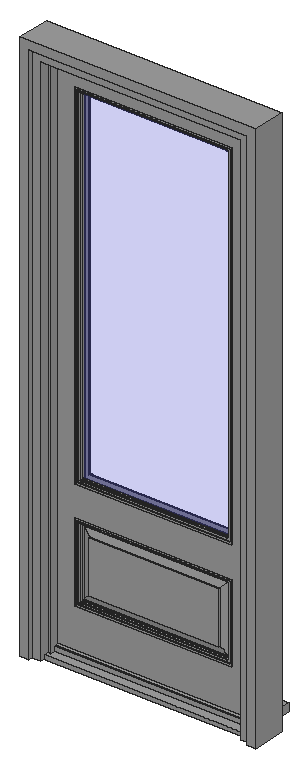
Revit family "Brannen - 1-Lite", category Doors, host Wall, Revit 2012
Parameters (values of type "3080")
  Trim Material = Brannen - Door Finish
  Rough Height = 8' - 3"
  Panel Material = Brannen - Door Finish
  Glazing Material = Brannen - Glazing
  Glass Height = 2' - 4 1/2"
  Function = Exterior
  Height = 8' - 0"
  Wall Closure = By host
  Width = 3' - 0"
  Frame Material = Brannen - Frame Finish
  Door Material = Brannen - Door Finish
Types (2): name | Height
  3070 | 7' - 0"
  3080 | 8' - 0"
Reference planes (in)
  plane 1 "Center (Front/Back)": y = 0
  plane 2 "Center (Left/Right)": x = 0
  plane 3 "Door Right": x = -18
  plane 4 "Door Left": x = 18
  plane 5 "Door Top": z = 96
  plane 6 "Exterior": y = 4
  plane 7 "Interior": y = -4
  plane 8 "RO Top": z = 99
  plane 9 "RO Right": x = 21
  plane 10 "RO Left": x = -21
  plane 11 "Floor": z = 0
  plane 12 "Door Bottom": z = 2
  plane 13 "Wall Centerline": y = 0
  plane 14 "Right Bottom Frame": x = 18.125
  plane 15 "Left Bottom Frame": x = -18.125
  plane 16 "Door Face": y = 3
  plane 17: x = -14
  plane 18: x = 14
  plane 19 "Top of Glass": z = 91.75
  plane 20: z = 9
  plane 21 "Top of Panel Void": z = 23
  plane 22: z = 28.5
  plane 23 "Door Centerline": y = 1.75
  plane 24 "Top of Void": z = 92
  plane 25: x = -13.75
  plane 26: x = 13.75
  plane 27: z = 28.75
  plane 28: y = 2.3125
  plane 29: y = 1.1875
  plane 30 "Top of Panel": z = 20.625
  plane 31: x = -11.625
  plane 32: z = 11.375
  plane 33: x = 11.625
  plane 34 "Panel Face": y = 2.9375
  plane 35 "Panel Face- Back": y = 0.5625
  plane 36 "Panel Middle": z = 16.625
Forms (in)
  Sweep 1, solid, material "Brannen - Frame Finish" <- "Frame Material"
    path origin (0, 0, 0) x (1, 0, 0) y (0, 0, 1)
      loop
        line (21, 0) -> (21, 99) -> (-21, 99) -> (-21, 0)
    profile origin (21, 0, 49.5) x (-1, 0, 0) y (0, -1, 0)
      loop
        line (0, -3) -> (2.875, -3) -> (2.875, -0.375) -> (3.77805, -0.375) -> (3.77805, 0.79501) -> (3.18461, 0.79501) -> (3.18461, 2.27102) -> (1.5957, 2.27102) -> (1.5957, 3) -> (0, 3) -> (0, -3)
  Extrusion 2, solid, material "Brannen - Frame Finish" <- "Frame Material"
    sketch origin (0, 0, 0) x (0, 1, 0) y (0, 0, 1)
      loop
        line (8, 0) -> (8, 1.46482) -> (5.27713, 1.46482) -> (5.27713, 1.592)
        arc (5.27713, 1.592) -> (4.93998, 2.08564) -> (4.3897, 2.31916) r 1.06261
        line (4.3897, 2.31916) -> (4.27138, 2.31916) -> (4.27138, 2.86194) -> (3.125, 2.86194) -> (3.125, 1.875) -> (0.0302, 1.72445)
        arc (0.0302, 1.72445) -> (-0.04928, 1.68596) -> (-0.09042, 1.60782) r 0.14142
        line (-0.09042, 1.60782) -> (-0.09042, 0.88797) -> (-1.59062, 0.74456) -> (-1.59062, 0) -> (8, 0)
    from -18.125 to 18.125
  Extrusion 3, solid, material "Brannen - Door Finish" <- "Door Material"
    sketch origin (0, 3, 0) x (1, 0, 0) y (0, 0, 1)
      loop
        line (18, 2) -> (18, 96) -> (-18, 96) -> (-18, 2) -> (18, 2)
    from 0 to 2.5
  Extrusion 4, void
    sketch origin (0, 0, 92) x (0, 1, 0) y (-1, 0, 0)
      loop
        line (3.125, 14) -> (0.375, 14) -> (0.375, -14) -> (3.125, -14) -> (3.125, 14)
    from 0 to -63.5
  Extrusion 5, void
    sketch origin (0, 0, 23) x (1, 0, 0) y (0, 1, 0)
      loop
        line (-14, 3.04568) -> (-14, 0.29568) -> (14, 0.29568) -> (14, 3.04568) -> (-14, 3.04568)
    from 0 to -14
  Extrusion 6, solid, material "Brannen - Glazing" <- "Glazing Material"
    sketch origin (0, 0, 91.75) x (0, 1, 0) y (-1, 0, 0)
      loop
        line (2.3125, 13.75) -> (1.1875, 13.75) -> (1.1875, -13.75) -> (2.3125, -13.75) -> (2.3125, 13.75)
    from 0 to -63
  Extrusion 7, solid, material "Brannen - Door Finish" <- "Panel Material"
    sketch origin (0, 0, 20.625) x (1, 0, 0) y (0, 1, 0)
      loop
        line (-11.625, 2.9375) -> (-11.625, 0.5625) -> (11.625, 0.5625) -> (11.625, 2.9375) -> (-11.625, 2.9375)
    from 0 to -9.25
  Sweep 8, solid, material "Brannen - Door Finish" <- "Trim Material"
    path origin (0, 3, 0) x (1, 0, 0) y (0, 0, 1)
      loop
        line (14, 9) -> (14, 23) -> (-14, 23) -> (-14, 9) -> (14, 9)
    profile origin (-14, 3, 16) x (-1, 0, 0) y (0, -1, 0)
      loop
        line (-1.05835, 0.66064) -> (-0.95358, 0.66064) -> (-0.95358, 0.48609)
        arc (-0.95358, 0.48609) -> (-0.94162, 0.46616) -> (-0.91957, 0.45881) r 0.03349
        line (-0.91957, 0.45881) -> (-0.88326, 0.45881)
        arc (-0.88326, 0.45881) -> (-0.87348, 0.35797) -> (-0.84334, 0.26125) r 0.49409
        arc (-0.84334, 0.26125) -> (-0.78633, 0.18206) -> (-0.70268, 0.13184) r 0.24188
        line (-0.70268, 0.13184) -> (-0.66377, 0.13184) -> (-0.66377, 0) -> (0, 0) -> (0, 2.5) -> (-0.25, 2.5) -> (-0.25, 2.27467) -> (-0.34031, 2.36499) -> (-0.66262, 2.36499) -> (-0.66262, 2.2553) -> (-0.70355, 2.2553)
        arc (-0.70355, 2.2553) -> (-0.74199, 2.24751) -> (-0.77431, 2.22528) r 0.09809
        arc (-0.77431, 2.22528) -> (-0.85913, 2.09904) -> (-0.89289, 1.95075) r 0.41583
        line (-0.89289, 1.95075) -> (-0.96381, 1.95075) -> (-0.96381, 1.78564) -> (-1.07665, 1.78564) -> (-2.375, 2.14447) -> (-2.375, 0.30193) -> (-1.05835, 0.66064)
  Sweep 9, solid, material "Brannen - Door Finish" <- "Trim Material"
    path origin (0, 1.75, 0) x (1, 0, 0) y (0, 0, 1)
      loop
        line (-14, 28.5) -> (14, 28.5) -> (14, 92) -> (-14, 92) -> (-14, 28.5)
    profile origin (-14, 1.75, 60.25) x (0, -1, 0) y (1, 0, 0)
      loop
        line (-1.25, 0) -> (1.25, 0) -> (1.25, 0.25) -> (1.05153, 0.25) -> (1.14185, 0.34031) -> (1.14185, 0.66262) -> (1.03216, 0.66262) -> (1.03216, 0.70355)
        arc (1.03216, 0.70355) -> (1.02437, 0.74199) -> (1.00214, 0.77431) r 0.09809
        arc (1.00214, 0.77431) -> (0.8759, 0.85913) -> (0.72761, 0.89289) r 0.41583
        line (0.72761, 0.89289) -> (0.72761, 0.96381) -> (0.5625, 0.96381) -> (0.5625, 0.25) -> (-0.5625, 0.25) -> (-0.5625, 0.95358) -> (-0.73705, 0.95358)
        arc (-0.73705, 0.95358) -> (-0.75699, 0.94162) -> (-0.76433, 0.91957) r 0.03349
        line (-0.76433, 0.91957) -> (-0.76433, 0.88326)
        arc (-0.76433, 0.88326) -> (-0.86517, 0.87348) -> (-0.96189, 0.84334) r 0.49409
        arc (-0.96189, 0.84334) -> (-1.04108, 0.78633) -> (-1.0913, 0.70268) r 0.24188
        line (-1.0913, 0.70268) -> (-1.0913, 0.66377) -> (-1.25, 0.66377) -> (-1.25, 0)
Cuts and joins
  Extrusion 4 cuts Sweep 1
  Extrusion 4, Extrusion 5 cuts Extrusion 3
Lines and regions (in)
  Opening 1
    outline origin (-90, -4, 0) x (1, 0, 0) y (0, 0, 1)
      loop
        line (69, 0) -> (111, 0) -> (111, 99) -> (69, 99) -> (69, 0)
  symbolic lines, style "Elevation Swing"
    curve 1: line (-18, 4, 2) -> (18, 4, 42.39364)
    curve 2: line (18, 4, 42.39364) -> (-18, 4, 96)
  model lines
    curve 3: line (-21, 3, 0) -> (-18.125, 3, 0)
    curve 4: line (-18.125, 3, 0) -> (-18.125, 0.375, 0)
    curve 5: line (-18.125, 0.375, 0) -> (-17.22195, 0.375, 0)
    curve 6: line (-17.22195, 0.375, 0) -> (-17.22195, -3.01046, 0)
    curve 7: line (-17.22195, -3.01046, 0) -> (-21, -3.01046, 0)
    curve 8: line (21, 3, 0) -> (18.125, 3, 0)
    curve 9: line (18.125, 3, 0) -> (18.125, 0.375, 0)
    curve 10: line (18.125, 0.375, 0) -> (17.22195, 0.375, 0)
    curve 11: line (17.22195, 0.375, 0) -> (17.22195, -3.01046, 0)
    curve 12: line (17.22195, -3.01046, 0) -> (21, -3.01046, 0)
    curve 13: line (18.125, 0.375, 0) -> (16.125, 0.375, 0)
    curve 14: line (18.125, 36.375, 0) -> (18.125, 0.375, 0)
    curve 15: line (16.125, 36.375, 0) -> (18.125, 36.375, 0)
    curve 16: line (16.125, 0.375, 0) -> (16.125, 36.375, 0)
    curve 17: arc (16.125, 36.375, 0) -> (-7.69994, 26.56309, 0) -> (-18.125, 3, 0) r 34.57763
Text (in)
  text "Exterior" at (-74.96733, 27.31104, 0), in view "Ref. Level"
  text "Interior" at (-74.96733, -25.14366, 0), in view "Ref. Level"
  text "Exterior" at (0, 40.15149, 123.01588), in view "Right"
  text "Interior" at (0, -64.39139, 123.01588), in view "Right"
  text "Interior" at (0, -31.01599, 123.00693), in view "Left"
  text "Exterior" at (0, 54.57065, 123.00693), in view "Left"
Dimensions and locks (in)
  equal spacing: plane 3 "Door Right", plane 2 "Center (Left/Right)", plane 4 "Door Left"
  "Height": level to plane 5 "Door Top"
  "Width": plane 3 "Door Right" to plane 4 "Door Left"
  locked: plane 4 "Door Left" to plane 9 "RO Right" at 3
  locked: plane 10 "RO Left" to plane 3 "Door Right" at 3
  locked: level to plane 12 "Door Bottom" at 2
  equal spacing: plane 10 "RO Left", plane 2 "Center (Left/Right)", plane 9 "RO Right"
  locked: plane 4 "Door Left" to plane 14 "Right Bottom Frame" at 0.125
  locked: plane 15 "Left Bottom Frame" to plane 3 "Door Right" at 0.125
  level to Extrusion 2 = 0' - 2.86194"
  locked: plane 24 "Top of Void" to plane 5 "Door Top" at 4
  locked: plane 19 "Top of Glass" to plane 24 "Top of Void" at 0.25
  "Glass Height": level to plane 22
  locked: plane 21 "Top of Panel Void" to plane 22 at 5.5
  locked: level to plane 20 at 9
  locked: plane 22 to plane 27 at 0.25
  equal spacing: plane 17, plane 2 "Center (Left/Right)", plane 18
  equal spacing: plane 31, plane 2 "Center (Left/Right)", plane 33
  equal spacing: plane 25, plane 2 "Center (Left/Right)", plane 26
  locked: plane 3 "Door Right" to plane 17 at 4
  locked: plane 17 to plane 25 at 0.25
  locked: plane 30 "Top of Panel" to plane 21 "Top of Panel Void" at 2.375
  locked: plane 17 to plane 31 at 2.375
  locked: plane 5 "Door Top" to plane 8 "RO Top" at 3
  equal spacing: plane 15 "Left Bottom Frame", plane 2 "Center (Left/Right)", plane 14 "Right Bottom Frame"
  aligned and locked: Opening 1 sketch curve to level
  aligned and locked: plane 6 "Exterior" to host wall
  aligned and locked: plane 7 "Interior" to host wall
  aligned and locked: Opening 1 sketch curve to plane 10 "RO Left"
  aligned and locked: Opening 1 sketch curve to plane 9 "RO Right"
  aligned and locked: plane 8 "RO Top" to Opening 1 sketch curve
  aligned and locked: plane 3 "Door Right" to Extrusion 3
  aligned and locked: Extrusion 3 to plane 4 "Door Left"
  aligned and locked: Extrusion 3 to plane 5 "Door Top"
  aligned and locked: Extrusion 3 to plane 12 "Door Bottom"
  aligned and locked: Extrusion 3 to plane 16 "Door Face"
  aligned and locked: Extrusion 4 to plane 18
  aligned and locked: plane 17 to Extrusion 4
  aligned and locked: Extrusion 5 to plane 20
  aligned and locked: plane 21 "Top of Panel Void" to Extrusion 5
  aligned and locked: Extrusion 4 to plane 24 "Top of Void"
  aligned and locked: Extrusion 4 to plane 22
  aligned and locked: plane 25 to Extrusion 6 sketch curve
  aligned and locked: Extrusion 6 sketch curve to plane 26
  aligned and locked: Extrusion 6 to plane 27
  aligned and locked: Extrusion 6 to plane 19 "Top of Glass"
  aligned and locked: plane 34 "Panel Face" to Extrusion 7 sketch curve
  aligned and locked: Extrusion 7 sketch curve to plane 31
  aligned and locked: Extrusion 7 sketch curve to plane 35 "Panel Face- Back"
  aligned and locked: plane 33 to Extrusion 7 sketch curve
  aligned and locked: plane 30 "Top of Panel" to Extrusion 7
  aligned and locked: Extrusion 7 to plane 32
  aligned and locked: Sweep 8 sketch curve to cut or joined group of Extrusion 3, Extrusion 4, Extrusion 5  (x4)
  aligned and locked: Sweep 9 sketch curve to cut or joined group of Extrusion 3, Extrusion 4, Extrusion 5  (x4)
  aligned and locked: plane 15 "Left Bottom Frame" to Extrusion 2
Automatic sketch dimensions
  Sweep 1 sketch curve to plane 8 "RO Top" = 0' - 0"
  plane 10 "RO Left" to Sweep 1 sketch curve = 0' - 0"
  plane 9 "RO Right" to Sweep 1 sketch curve = 0' - 0"
  Sweep 1 sketch curve to level = 0' - 0"  (x2)
  Sweep 1 sketch curve to profile plane = 0' - 0"
  Sweep 1 sketch curve to profile plane = 0' - 1.5957"
  Sweep 1 sketch curve to plane 13 "Wall Centerline" = 0' - 0 3/8"
  Sweep 1 sketch curve to profile plane = 0' - 2 7/8"
  Sweep 1 sketch curve to Sweep 1 sketch curve = 0' - 1.58891"
  Sweep 1 sketch curve to Sweep 1 sketch curve = 0' - 0.90305"
  Sweep 1 sketch curve to plane 13 "Wall Centerline" = 0' - 3"
  plane 13 "Wall Centerline" to Sweep 1 sketch curve = 0' - 0.79501"
  Sweep 1 sketch curve to Sweep 1 sketch curve = 0' - 1.47602"
  Sweep 1 sketch curve to Sweep 1 sketch curve = 0' - 0.72898"
  plane 29 to Extrusion 6 sketch curve = 0' - 0"
  plane 28 to Extrusion 6 sketch curve = 0' - 0"
  plane 4 "Door Left" to curve 1 = 0' - 0"
  plane 3 "Door Right" to curve 2 = 0' - 0"
  plane 3 "Door Right" to curve 1 = 0' - 0"
  curve 1 to plane 12 "Door Bottom" = 0' - 0"
  curve 2 to plane 5 "Door Top" = 0' - 0"
  plane 27 to curve 2 = 1' - 1.64364"
  Extrusion 2 sketch curve to level = 0' - 0"
  level to Extrusion 2 sketch curve = 0' - 0.74456"
  host wall to Extrusion 2 sketch curve = 0' - 1.59062"
  host wall to Extrusion 2 sketch curve = 0' - 0.09042"
  Extrusion 2 sketch curve to host wall = 0' - 0.0302"
  Extrusion 2 sketch curve to host wall = 0' - 0.04903"
  Extrusion 2 sketch curve to plane 16 "Door Face" = 0' - 0 1/8"
  host wall to Extrusion 2 sketch curve = 0' - 0.2665"
  host wall to Extrusion 2 sketch curve = 0' - 0.27138"
  Extrusion 2 sketch curve to Extrusion 2 sketch curve = 0' - 0.11831"
  Extrusion 2 sketch curve to Extrusion 2 sketch curve = 0' - 1.01063"
  Extrusion 2 sketch curve to plane 12 "Door Bottom" = 0' - 0 137/256"
  Extrusion 2 sketch curve to Extrusion 2 sketch curve = 0' - 2.72287"
  level to Extrusion 2 sketch curve = 0' - 0.88797"
  Extrusion 2 sketch curve to plane 12 "Door Bottom" = 0' - 0.73629"
  Extrusion 2 sketch curve to plane 12 "Door Bottom" = 0' - 0.41571"
  Extrusion 2 sketch curve to Extrusion 2 sketch curve = 0' - 0.12718"
  Extrusion 2 sketch curve to Extrusion 2 sketch curve = 0' - 0.02353"
  Extrusion 2 sketch curve to plane 12 "Door Bottom" = 0' - 0 1/8"
  plane 12 "Door Bottom" to Extrusion 2 sketch curve = 0' - 0.86194"
  plane 3 "Door Right" to Extrusion 3 sketch curve = 0' - 0"
  plane 4 "Door Left" to Extrusion 3 sketch curve = 0' - 0"
  Extrusion 3 sketch curve to plane 12 "Door Bottom" = 0' - 0"
  Extrusion 3 sketch curve to plane 5 "Door Top" = 0' - 0"
  Extrusion 4 sketch curve to plane 17 = 0' - 0"
  Extrusion 4 sketch curve to plane 18 = 0' - 0"
  plane 35 "Panel Face- Back" to Extrusion 4 sketch curve = 0' - 0 3/16"
  Extrusion 4 sketch curve to plane 16 "Door Face" = 0' - 0 1/8"
  Extrusion 5 sketch curve to plane 17 = 0' - 0"
  Extrusion 5 sketch curve to plane 18 = 0' - 0"
  plane 35 "Panel Face- Back" to Extrusion 5 sketch curve = 0' - 0.26682"
  Extrusion 5 sketch curve to plane 16 "Door Face" = 0' - 0.04568"
  plane 16 "Door Face" to Sweep 8 sketch curve = 0' - 0"
  Sweep 8 sketch curve to profile plane = 0' - 0"
  profile plane to Sweep 8 sketch curve = 0' - 0 1/4"
  Sweep 8 sketch curve to Sweep 8 sketch curve = 0' - 0.09031"
  profile plane to Sweep 8 sketch curve = 0' - 0.38918"
  Sweep 8 sketch curve to Sweep 8 sketch curve = 0' - 0.2274"
  Sweep 8 sketch curve to Sweep 8 sketch curve = 0' - 0.23339"
  Sweep 8 sketch curve to Sweep 8 sketch curve = 0' - 0.32231"
  Sweep 8 sketch curve to Sweep 8 sketch curve = 0' - 0.04121"
  Sweep 8 sketch curve to Sweep 8 sketch curve = 0' - 0.03891"
  Sweep 8 sketch curve to Sweep 8 sketch curve = 0' - 0.04093"
  Sweep 8 sketch curve to Sweep 8 sketch curve = 0' - 0.00013"
  Sweep 8 sketch curve to Sweep 8 sketch curve = 0' - 0.07076"
  Sweep 8 sketch curve to Sweep 8 sketch curve = 0' - 0.14065"
  Sweep 8 sketch curve to Sweep 8 sketch curve = 0' - 0.03992"
  Sweep 8 sketch curve to Sweep 8 sketch curve = 0' - 0.18921"
  Sweep 8 sketch curve to Sweep 8 sketch curve = 0' - 0.03632"
  Sweep 8 sketch curve to Sweep 8 sketch curve = 0' - 0.0011"
  Sweep 8 sketch curve to Sweep 8 sketch curve = 0' - 0.03291"
  Sweep 8 sketch curve to Sweep 8 sketch curve = 0' - 0.07092"
  Sweep 8 sketch curve to Sweep 8 sketch curve = 0' - 0.10477"
  Sweep 8 sketch curve to Sweep 8 sketch curve = 0' - 0.11284"
  Sweep 8 sketch curve to Sweep 8 sketch curve = 0' - 1.29835"
  plane 16 "Door Face" to Sweep 8 sketch curve = 0' - 0.13184"
  Sweep 8 sketch curve to Sweep 8 sketch curve = 0' - 0.12941"
  plane 16 "Door Face" to Sweep 8 sketch curve = 0' - 0.30193"
  Sweep 8 sketch curve to Sweep 8 sketch curve = 0' - 0.09577"
  Sweep 8 sketch curve to Sweep 8 sketch curve = 0' - 0.02728"
  Sweep 8 sketch curve to Sweep 8 sketch curve = 0' - 0.16836"
  Sweep 8 sketch curve to Sweep 8 sketch curve = 0' - 1 1/8"
  Sweep 8 sketch curve to Sweep 8 sketch curve = 0' - 0.14851"
  Sweep 8 sketch curve to Sweep 8 sketch curve = 0' - 0.16511"
  Sweep 8 sketch curve to Sweep 8 sketch curve = 0' - 0.35882"
  Sweep 8 sketch curve to Sweep 8 sketch curve = 0' - 0.06807"
  Sweep 8 sketch curve to Sweep 8 sketch curve = 0' - 0.34052"
  Sweep 8 sketch curve to Sweep 8 sketch curve = 0' - 0.10969"
  Sweep 8 sketch curve to Sweep 8 sketch curve = 0' - 0.13501"
  Sweep 9 sketch curve to profile plane = 0' - 0"
  Sweep 9 sketch curve to plane 23 "Door Centerline" = 0' - 1 1/4"
  Sweep 9 sketch curve to Sweep 9 sketch curve = 0' - 0.1587"
  Sweep 9 sketch curve to Sweep 9 sketch curve = 0' - 0.12941"
  Sweep 9 sketch curve to Sweep 9 sketch curve = 0' - 0.22822"
  Sweep 9 sketch curve to Sweep 9 sketch curve = 0' - 0.09577"
  Sweep 9 sketch curve to Sweep 9 sketch curve = 0' - 0.19756"
  Sweep 9 sketch curve to Sweep 9 sketch curve = 0' - 0.02728"
  Sweep 9 sketch curve to Sweep 9 sketch curve = 0' - 0.00619"
  Sweep 9 sketch curve to Sweep 9 sketch curve = 0' - 0.20481"
  plane 23 "Door Centerline" to Sweep 9 sketch curve = 0' - 0 9/16"
  Sweep 9 sketch curve to Sweep 9 sketch curve = 0' - 0.14851"
  Sweep 9 sketch curve to Sweep 9 sketch curve = 0' - 0.16511"
  Sweep 9 sketch curve to Sweep 9 sketch curve = 0' - 0.20647"
  Sweep 9 sketch curve to Sweep 9 sketch curve = 0' - 0.06807"
  Sweep 9 sketch curve to Sweep 9 sketch curve = 0' - 0.03002"
  Sweep 9 sketch curve to profile plane = 0' - 0 1/4"  (x2)
  Sweep 9 sketch curve to Sweep 9 sketch curve = 0' - 0.34052"
  Sweep 9 sketch curve to profile plane = 0' - 0.34031"
  Sweep 9 sketch curve to Sweep 9 sketch curve = 0' - 0.09031"
  Sweep 9 sketch curve to Sweep 9 sketch curve = 0' - 0.19847"
  Sweep 9 sketch curve to Sweep 9 sketch curve = 0' - 0.13918"
  Sweep 9 sketch curve to Sweep 9 sketch curve = 0' - 0.2274"
  Sweep 9 sketch curve to Sweep 9 sketch curve = 0' - 0.23339"
  Sweep 9 sketch curve to Sweep 9 sketch curve = 0' - 0.32231"
  Sweep 9 sketch curve to Sweep 9 sketch curve = 0' - 0.04121"
  Sweep 9 sketch curve to Sweep 9 sketch curve = 0' - 0.03891"
  Sweep 9 sketch curve to Sweep 9 sketch curve = 0' - 0.04093"
  Sweep 9 sketch curve to Sweep 9 sketch curve = 0' - 0.00013"
  Sweep 9 sketch curve to Sweep 9 sketch curve = 0' - 0.03632"
  Sweep 9 sketch curve to Sweep 9 sketch curve = 0' - 0.0011"
  Sweep 9 sketch curve to Sweep 9 sketch curve = 0' - 0.07092"
  curve 7 to plane 10 "RO Left" = 0' - 0"
  curve 12 to plane 9 "RO Right" = 0' - 0"
  curve 13 to plane 14 "Right Bottom Frame" = 0' - 0"
  curve 8 to plane 9 "RO Right" = 0' - 0"
  plane 16 "Door Face" to curve 8 = 0' - 0"
  plane 16 "Door Face" to curve 4 = 0' - 0"
  curve 17 to plane 15 "Left Bottom Frame" = 0' - 0"
  curve 3 to plane 10 "RO Left" = 0' - 0"
  curve 17 to plane 23 "Door Centerline" = 0' - 0.04873"
  plane 35 "Panel Face- Back" to curve 10 = 0' - 0 3/16"
  plane 35 "Panel Face- Back" to curve 4 = 0' - 0 3/16"
  curve 6 to host wall = 0' - 0.98954"
  curve 11 to host wall = 0' - 0.98954"
  plane 4 "Door Left" to curve 16 = 0' - 1 7/8"
  plane 4 "Door Left" to curve 11 = 0' - 0.77805"
  curve 17 to curve 13 = 0' - 0.30676"
  curve 7 to plane 3 "Door Right" = 0' - 0.77805"
